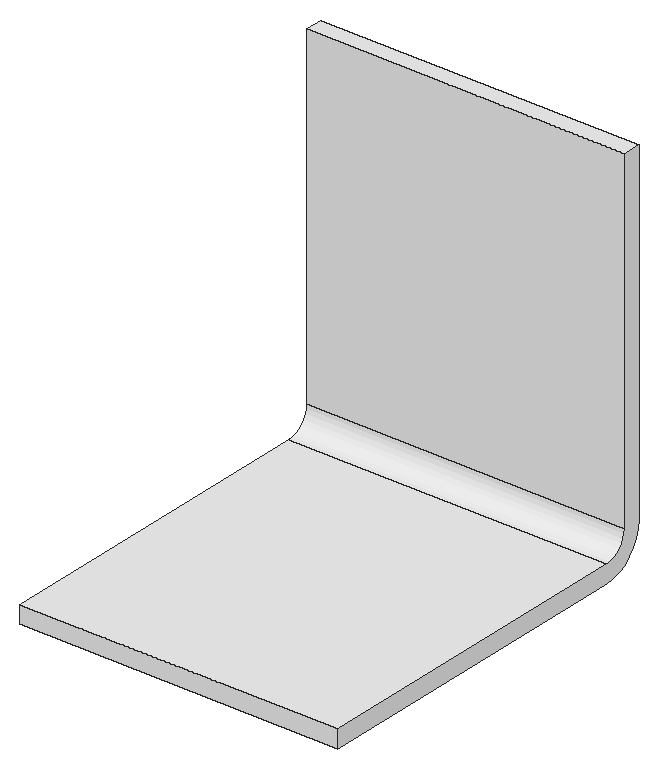
Revit family "JOMA_420 & 425", category Structural Connections, host Face, Revit 2012
Parameters (values of type "4200000")
  yr = ir + t  # 6.843 mm
  t = 3.000 mm
  l = 65.000 mm
  ir = t * 1.281  # 3.843 mm
  h = 65.000 mm
  b = 55.000 mm
  Vinkelbeslag 425 = not(Vinkelbeslag 420)  # no
  Vinkelbeslag 420 = yes
  Vikt = "0,14"
  Typ = "VINKEL 420"
  Spikmönster α꞊0° [instance] = no
  Spikmönster Bult α꞊0° [instance] = no
  Spikmönster Bult 45°≤α≤90° [instance] = no
  Spikmönster Bult 0°≤α≤45° [instance] = no
  Spikmönster 45°≤α≤90° [instance] = no
  Spikmönster 0°≤α≤45° [instance] = no
  Spik/skruv [instance] = "ANKARSPIK 4,0x40"
  Material = Varmförzinkad stålplåt
  Länk Joma Dimensioneringsverktyg = "http://www.joma.se/dimensioneringsverktyg"
  Default Elevation = 0.000 mm
  Bult (betong) [instance] = "BULT M10"
  Antal spik/skruv i virkesdel B [instance] = if(and(Spikmönster α꞊0°, Vinkelbeslag 420), 4, if(and(Spikmönster Bult α꞊0°, Vinkelbeslag 420), 1, if(and(Spikmönster 0°≤α≤45°, Vinkelbeslag 425), 3, if(and(Spikmönster 45°≤α≤90°, Vinkelbeslag 425), 3, if(and(Spikmönster Bult 0°≤α≤45°, Vinkelbeslag 425), 1, if(and(Spikmönster Bult 45°≤α≤90°, Vinkelbeslag 425), 1, 0))))))  # 0
  Antal spik/skruv i virkesdel A [instance] = if(and(Spikmönster α꞊0°, Vinkelbeslag 420), 4, if(and(Spikmönster Bult α꞊0°, Vinkelbeslag 420), 4, if(and(Spikmönster 0°≤α≤45°, Vinkelbeslag 425), 4, if(and(Spikmönster 45°≤α≤90°, Vinkelbeslag 425), 3, if(and(Spikmönster Bult 0°≤α≤45°, Vinkelbeslag 425), 6, if(and(Spikmönster Bult 45°≤α≤90°, Vinkelbeslag 425), 3, 0))))))  # 0
  425 Spikmönster Bult 45°≤α≤90° [instance] = and(Vinkelbeslag 425, Spikmönster Bult 45°≤α≤90°, not(or(Spikmönster α꞊0°, Spikmönster Bult α꞊0°, Spikmönster 0°≤α≤45°, Spikmönster Bult 0°≤α≤45°, Spikmönster 45°≤α≤90°)))  # no
  425 Spikmönster Bult 0°≤α≤45° [instance] = and(Vinkelbeslag 425, Spikmönster Bult 0°≤α≤45°, not(or(Spikmönster α꞊0°, Spikmönster Bult α꞊0°, Spikmönster 45°≤α≤90°, Spikmönster 0°≤α≤45°, Spikmönster Bult 45°≤α≤90°)))  # no
  425 Spikmönster 45°≤α≤90° [instance] = and(Vinkelbeslag 425, Spikmönster 45°≤α≤90°, not(or(Spikmönster α꞊0°, Spikmönster Bult α꞊0°, Spikmönster 0°≤α≤45°, Spikmönster Bult 0°≤α≤45°, Spikmönster Bult 45°≤α≤90°)))  # no
  425 Spikmönster 0°≤α≤45° [instance] = and(Vinkelbeslag 425, Spikmönster 0°≤α≤45°, not(or(Spikmönster α꞊0°, Spikmönster Bult α꞊0°, Spikmönster 45°≤α≤90°, Spikmönster Bult 0°≤α≤45°, Spikmönster Bult 45°≤α≤90°)))  # no
  420 Spikmönster α꞊0° [instance] = and(Vinkelbeslag 420, Spikmönster α꞊0°, not(or(Spikmönster Bult α꞊0°, Spikmönster 0°≤α≤45°, Spikmönster 45°≤α≤90°, Spikmönster Bult 0°≤α≤45°, Spikmönster Bult 45°≤α≤90°)))  # no
  420 Spikmönster Bult α꞊0° [instance] = and(Vinkelbeslag 420, Spikmönster Bult α꞊0°, not(or(Spikmönster α꞊0°, Spikmönster 0°≤α≤45°, Spikmönster 45°≤α≤90°, Spikmönster Bult 0°≤α≤45°, Spikmönster Bult 45°≤α≤90°)))  # no
Types (3, lengths in mm): name | l | h | Vinkelbeslag 425 | Vinkelbeslag 420 | Vikt | Typ
  (no name) | 65.000 | 65.000 | no | yes | "0,14" | "VINKEL 420"
  4200000 | 65.000 | 65.000 | no | yes | "0,14" | "VINKEL 420"
  4250000 | 50.000 | 80.000 | yes | no | "0,142" | "VINKEL 425"
Reference planes
  plane 1 "Center (Front/Back)": y = 0
  plane 2: z = 0
  plane 3 "Center (Left/Right)": x = 0
  plane 4: x = -27.5
  plane 5: x = 27.5
  plane 6: y = -65
  plane 7: z = 65
Forms (mm)
  Extrusion 1, solid, material "Varmförzinkad stålplåt" <- "Material"
    sketch origin (0, 0, 0) x (0, 1, 0) y (0, 0, 1)
      loop
        line (0, 65) -> (-3, 65) -> (-3, 6.843)
        arc (-3, 6.843) -> (-4.126, 4.126) -> (-6.843, 3) r 3.843
        line (-6.843, 3) -> (-65, 3) -> (-65, 0) -> (-6.843, 0)
        arc (-6.843, 0) -> (-2.004, 2.004) -> (0, 6.843) r 6.843
        line (0, 6.843) -> (0, 65)
    from -27.5 to 27.5
Lines and regions (mm)
  symbolic lines, visible <- "Vinkelbeslag 420"
    curve 1: circle (-20, -57.5, 0) r 2.5 normal (0, 0, 1)
    curve 2: circle (-15, -37.5, 0) r 2.5 normal (0, 0, 1)
    curve 3: circle (-20, -17.5, 0) r 2.5 normal (0, 0, 1)
    curve 4: circle (20, -57.5, 0) r 2.5 normal (0, 0, -1)
    curve 5: circle (15, -37.5, 0) r 2.5 normal (0, 0, -1)
    curve 6: circle (20, -17.5, 0) r 2.5 normal (0, 0, -1)
    curve 7: circle (0, -17.5, 0) r 2.5 normal (0, 0, -1)
    curve 8: circle (0, -57.5, 0) r 2.5 normal (0, 0, -1)
    curve 9: circle (0, -32.5, 0) r 5.5 normal (0, 0, -1)
    curve 19: circle (-20, 0, 57.5) r 2.5 normal (0, -1, 0)
    curve 20: circle (-15, 0, 37.5) r 2.5 normal (0, -1, 0)
    curve 21: circle (-20, 0, 17.5) r 2.5 normal (0, -1, 0)
    curve 22: circle (0, 0, 57.5) r 2.5 normal (0, -1, 0)
    curve 23: circle (0, 0, 17.5) r 2.5 normal (0, -1, 0)
    curve 24: circle (20, 0, 57.5) r 2.5 normal (0, 1, 0)
    curve 25: circle (15, 0, 37.5) r 2.5 normal (0, 1, 0)
    curve 26: circle (20, 0, 17.5) r 2.5 normal (0, 1, 0)
    curve 27: circle (0, 0, 32.5) r 5.5 normal (0, -1, 0)
  symbolic lines, visible <- "Vinkelbeslag 420", not visible
    curve 10: circle (-20, -57.5, 0) r 2.5 normal (0, 0, 1)
    curve 11: circle (-15, -37.5, 0) r 2.5 normal (0, 0, 1)
    curve 12: circle (-20, -17.5, 0) r 2.5 normal (0, 0, 1)
    curve 13: circle (20, -57.5, 0) r 2.5 normal (0, 0, -1)
    curve 14: circle (15, -37.5, 0) r 2.5 normal (0, 0, -1)
    curve 15: circle (20, -17.5, 0) r 2.5 normal (0, 0, -1)
    curve 16: circle (0, -17.5, 0) r 2.5 normal (0, 0, -1)
    curve 17: circle (0, -57.5, 0) r 2.5 normal (0, 0, -1)
    curve 18: circle (0, -32.5, 0) r 5.5 normal (0, 0, -1)
    curve 28: circle (-20, 0, 57.5) r 2.5 normal (0, -1, 0)
    curve 29: circle (-15, 0, 37.5) r 2.5 normal (0, -1, 0)
    curve 30: circle (-20, 0, 17.5) r 2.5 normal (0, -1, 0)
    curve 31: circle (0, 0, 57.5) r 2.5 normal (0, -1, 0)
    curve 32: circle (0, 0, 17.5) r 2.5 normal (0, -1, 0)
    curve 33: circle (20, 0, 57.5) r 2.5 normal (0, 1, 0)
    curve 34: circle (15, 0, 37.5) r 2.5 normal (0, 1, 0)
    curve 35: circle (20, 0, 17.5) r 2.5 normal (0, 1, 0)
    curve 36: circle (0, 0, 32.5) r 5.5 normal (0, -1, 0)
  symbolic lines, visible <- "Vinkelbeslag 425"
    curve 37: circle (-20, -42.5, 0) r 2.5 normal (0, 0, 1)
    curve 38: circle (-14.5, -22.5, 0) r 2.5 normal (0, 0, 1)
    curve 39: circle (0, -42.5, 0) r 2.5 normal (0, 0, 1)
    curve 40: circle (20, -42.5, 0) r 2.5 normal (0, 0, -1)
    curve 41: circle (14.5, -22.5, 0) r 2.5 normal (0, 0, -1)
    curve 42: circle (0, -15, 0) r 5.5 normal (0, 0, -1)
    curve 49: circle (-20, 0, 72.5) r 2.5 normal (0, -1, 0)
    curve 50: circle (0, 0, 72.5) r 2.5 normal (0, -1, 0)
    curve 51: circle (-14.5, 0, 52.5) r 2.5 normal (0, -1, 0)
    curve 52: circle (-20, 0, 32.5) r 2.5 normal (0, -1, 0)
    curve 53: circle (0, 0, 32.5) r 2.5 normal (0, -1, 0)
    curve 54: circle (20, 0, 72.5) r 2.5 normal (0, 1, 0)
    curve 55: circle (14.5, 0, 52.5) r 2.5 normal (0, 1, 0)
    curve 56: circle (20, 0, 32.5) r 2.5 normal (0, 1, 0)
    curve 57: circle (0, 0, 47.5) r 5.5 normal (0, -1, 0)
  symbolic lines, visible <- "Vinkelbeslag 425", not visible
    curve 43: circle (-20, -42.5, 0) r 2.5 normal (0, 0, 1)
    curve 44: circle (-14.5, -22.5, 0) r 2.5 normal (0, 0, 1)
    curve 45: circle (0, -42.5, 0) r 2.5 normal (0, 0, 1)
    curve 46: circle (20, -42.5, 0) r 2.5 normal (0, 0, -1)
    curve 47: circle (14.5, -22.5, 0) r 2.5 normal (0, 0, -1)
    curve 48: circle (0, -15, 0) r 5.5 normal (0, 0, -1)
    curve 58: circle (-20, 0, 72.5) r 2.5 normal (0, -1, 0)
    curve 59: circle (0, 0, 72.5) r 2.5 normal (0, -1, 0)
    curve 60: circle (-14.5, 0, 52.5) r 2.5 normal (0, -1, 0)
    curve 61: circle (-20, 0, 32.5) r 2.5 normal (0, -1, 0)
    curve 62: circle (0, 0, 32.5) r 2.5 normal (0, -1, 0)
    curve 63: circle (20, 0, 72.5) r 2.5 normal (0, 1, 0)
    curve 64: circle (14.5, 0, 52.5) r 2.5 normal (0, 1, 0)
    curve 65: circle (20, 0, 32.5) r 2.5 normal (0, 1, 0)
    curve 66: circle (0, 0, 47.5) r 5.5 normal (0, -1, 0)
Text (mm)
  text "Virkesdel B/Betong" at (197.624, -2.149, 0), in view "Ref. Level"
  text "Virkesdel A" at (259.601, 0, 96.569), in view "Front"
Dimensions and locks
  "b": plane 5 to plane 4
  "l": plane 1 "Center (Front/Back)" to plane 6
  "h": plane 7 to host face
  equal spacing: plane 5, plane 3 "Center (Left/Right)", plane 4
  "t": plane 1 "Center (Front/Back)" to Extrusion 1
  "t": Extrusion 1 to host face
  "ir": radius of Extrusion 1 sketch curve
  "yr": radius of Extrusion 1 sketch curve
  aligned and locked: plane 2 to host face
  aligned and locked: level to host face
  aligned and locked: plane 5 to Extrusion 1
  aligned and locked: Extrusion 1 to plane 4
  aligned and locked: Extrusion 1 to plane 6
  aligned and locked: plane 7 to Extrusion 1
Automatic sketch dimensions
  host sketch curve to host sketch curve = 2438.400 mm  (x2)
  Extrusion 1 sketch curve to plane 6 = 0.000 mm
  Extrusion 1 sketch curve to level = 0.000 mm
  Extrusion 1 sketch curve to plane 7 = 0.000 mm
  Extrusion 1 sketch curve to plane 1 "Center (Front/Back)" = 0.000 mm
  Extrusion 1 sketch curve to Extrusion 1 sketch curve = 0.000 mm
  level to Extrusion 1 sketch curve = 3.000 mm
Nested families
  nested 1: "Spikmönster" at (-20, 0, 57.5) x (1, 0, 0) z (0, -1, 0), visible <- "420 Spikmönster α꞊0°", type "Ø5"
  nested 2: "Spikmönster" at (20, 0, 57.5) x (1, 0, 0) z (0, -1, 0), visible <- "420 Spikmönster α꞊0°", type "Ø5"
  nested 3: "Spikmönster" at (15, 0, 37.5) x (1, 0, 0) z (0, -1, 0), visible <- "420 Spikmönster α꞊0°", type "Ø5"
  nested 4: "Spikmönster" at (-15, 0, 37.5) x (1, 0, 0) z (0, -1, 0), visible <- "420 Spikmönster α꞊0°", type "Ø5"
  nested 5: "Spikmönster" at (-20, 0, 57.5) x (1, 0, 0) z (0, -1, 0), visible <- "420 Spikmönster α꞊0°", type "Ø5", not visible
  nested 6: "Spikmönster" at (20, 0, 57.5) x (1, 0, 0) z (0, -1, 0), visible <- "420 Spikmönster α꞊0°", type "Ø5", not visible
  nested 7: "Spikmönster" at (15, 0, 37.5) x (1, 0, 0) z (0, -1, 0), visible <- "420 Spikmönster α꞊0°", type "Ø5", not visible
  nested 8: "Spikmönster" at (-15, 0, 37.5) x (1, 0, 0) z (0, -1, 0), visible <- "420 Spikmönster α꞊0°", type "Ø5", not visible
  nested 9: "Spikmönster" at (0, -32.5, 0), visible <- "420 Spikmönster Bult α꞊0°", type "Ø11"
  nested 10: "Spikmönster" at (-20, -17.5, 0), visible <- "420 Spikmönster α꞊0°", type "Ø5"
  nested 11: "Spikmönster" at (20, -17.5, 0), visible <- "420 Spikmönster α꞊0°", type "Ø5"
  nested 12: "Spikmönster" at (20, -57.5, 0), visible <- "420 Spikmönster α꞊0°", type "Ø5"
  nested 13: "Spikmönster" at (-20, -57.5, 0), visible <- "420 Spikmönster α꞊0°", type "Ø5"
  nested 14: "Spikmönster" at (0, -32.5, 0), visible <- "420 Spikmönster Bult α꞊0°", type "Ø11", not visible
  nested 15: "Spikmönster" at (-20, -17.5, 0), visible <- "420 Spikmönster α꞊0°", type "Ø5", not visible
  nested 16: "Spikmönster" at (20, -17.5, 0), visible <- "420 Spikmönster α꞊0°", type "Ø5", not visible
  nested 17: "Spikmönster" at (20, -57.5, 0), visible <- "420 Spikmönster α꞊0°", type "Ø5", not visible
  nested 18: "Spikmönster" at (-20, -57.5, 0), visible <- "420 Spikmönster α꞊0°", type "Ø5", not visible
  nested 19: "Spikmönster" at (-20, 0, 57.5) x (1, 0, 0) z (0, -1, 0), visible <- "420 Spikmönster Bult α꞊0°", type "Ø5"
  nested 20: "Spikmönster" at (20, 0, 57.5) x (1, 0, 0) z (0, -1, 0), visible <- "420 Spikmönster Bult α꞊0°", type "Ø5"
  nested 21: "Spikmönster" at (15, 0, 37.5) x (1, 0, 0) z (0, -1, 0), visible <- "420 Spikmönster Bult α꞊0°", type "Ø5"
  nested 22: "Spikmönster" at (-15, 0, 37.5) x (1, 0, 0) z (0, -1, 0), visible <- "420 Spikmönster Bult α꞊0°", type "Ø5"
  nested 23: "Spikmönster" at (-20, 0, 57.5) x (1, 0, 0) z (0, -1, 0), visible <- "420 Spikmönster Bult α꞊0°", type "Ø5", not visible
  nested 24: "Spikmönster" at (20, 0, 57.5) x (1, 0, 0) z (0, -1, 0), visible <- "420 Spikmönster Bult α꞊0°", type "Ø5", not visible
  nested 25: "Spikmönster" at (15, 0, 37.5) x (1, 0, 0) z (0, -1, 0), visible <- "420 Spikmönster Bult α꞊0°", type "Ø5", not visible
  nested 26: "Spikmönster" at (-15, 0, 37.5) x (1, 0, 0) z (0, -1, 0), visible <- "420 Spikmönster Bult α꞊0°", type "Ø5", not visible
  nested 27: "Spikmönster" at (0, -15, 0), visible <- "425 Spikmönster Bult 45°≤α≤90°", type "Ø11"
  nested 28: "Spikmönster" at (-14.5, -22.5, 0), visible <- "425 Spikmönster 0°≤α≤45°", type "Ø5"
  nested 29: "Spikmönster" at (14.5, -22.5, 0), visible <- "425 Spikmönster 0°≤α≤45°", type "Ø5"
  nested 30: "Spikmönster" at (0, -42.5, 0), visible <- "425 Spikmönster 0°≤α≤45°", type "Ø5"
  nested 31: "Spikmönster" at (-14.5, -22.5, 0), visible <- "425 Spikmönster 45°≤α≤90°", type "Ø5"
  nested 32: "Spikmönster" at (14.5, -22.5, 0), visible <- "425 Spikmönster 45°≤α≤90°", type "Ø5"
  nested 33: "Spikmönster" at (0, -42.5, 0), visible <- "425 Spikmönster 45°≤α≤90°", type "Ø5"
  nested 34: "Spikmönster" at (0, -15, 0), visible <- "425 Spikmönster Bult 45°≤α≤90°", type "Ø11", not visible
  nested 35: "Spikmönster" at (-14.5, -22.5, 0), visible <- "425 Spikmönster 0°≤α≤45°", type "Ø5", not visible
  nested 36: "Spikmönster" at (14.5, -22.5, 0), visible <- "425 Spikmönster 0°≤α≤45°", type "Ø5", not visible
  nested 37: "Spikmönster" at (0, -42.5, 0), visible <- "425 Spikmönster 0°≤α≤45°", type "Ø5", not visible
  nested 38: "Spikmönster" at (-14.5, -22.5, 0), visible <- "425 Spikmönster 45°≤α≤90°", type "Ø5", not visible
  nested 39: "Spikmönster" at (14.5, -22.5, 0), visible <- "425 Spikmönster 45°≤α≤90°", type "Ø5", not visible
  nested 40: "Spikmönster" at (0, -42.5, 0), visible <- "425 Spikmönster 45°≤α≤90°", type "Ø5", not visible
  nested 41: "Spikmönster" at (-20, 0, 72.5) x (1, 0, 0) z (0, -1, 0), visible <- "425 Spikmönster 0°≤α≤45°", type "Ø5"
  nested 42: "Spikmönster" at (20, 0, 72.5) x (1, 0, 0) z (0, -1, 0), visible <- "425 Spikmönster 0°≤α≤45°", type "Ø5"
  nested 43: "Spikmönster" at (20, 0, 32.5) x (1, 0, 0) z (0, -1, 0), visible <- "425 Spikmönster 0°≤α≤45°", type "Ø5"
  nested 44: "Spikmönster" at (-20, 0, 32.5) x (1, 0, 0) z (0, -1, 0), visible <- "425 Spikmönster 0°≤α≤45°", type "Ø5"
  nested 45: "Spikmönster" at (-20, 0, 72.5) x (1, 0, 0) z (0, -1, 0), visible <- "425 Spikmönster 45°≤α≤90°", type "Ø5"
  nested 46: "Spikmönster" at (0, 0, 72.5) x (1, 0, 0) z (0, -1, 0), visible <- "425 Spikmönster 45°≤α≤90°", type "Ø5"
  nested 47: "Spikmönster" at (20, 0, 72.5) x (1, 0, 0) z (0, -1, 0), visible <- "425 Spikmönster 45°≤α≤90°", type "Ø5"
  nested 48: "Spikmönster" at (-20, 0, 72.5) x (1, 0, 0) z (0, -1, 0), visible <- "425 Spikmönster 0°≤α≤45°", type "Ø5", not visible
  nested 49: "Spikmönster" at (20, 0, 72.5) x (1, 0, 0) z (0, -1, 0), visible <- "425 Spikmönster 0°≤α≤45°", type "Ø5", not visible
  nested 50: "Spikmönster" at (20, 0, 32.5) x (1, 0, 0) z (0, -1, 0), visible <- "425 Spikmönster 0°≤α≤45°", type "Ø5", not visible
  nested 51: "Spikmönster" at (-20, 0, 32.5) x (1, 0, 0) z (0, -1, 0), visible <- "425 Spikmönster 0°≤α≤45°", type "Ø5", not visible
  nested 52: "Spikmönster" at (-20, 0, 72.5) x (1, 0, 0) z (0, -1, 0), visible <- "425 Spikmönster 45°≤α≤90°", type "Ø5", not visible
  nested 53: "Spikmönster" at (0, 0, 72.5) x (1, 0, 0) z (0, -1, 0), visible <- "425 Spikmönster 45°≤α≤90°", type "Ø5", not visible
  nested 54: "Spikmönster" at (20, 0, 72.5) x (1, 0, 0) z (0, -1, 0), visible <- "425 Spikmönster 45°≤α≤90°", type "Ø5", not visible
  nested 55: "Spikmönster" at (-20, 0, 72.5) x (1, 0, 0) z (0, -1, 0), visible <- "425 Spikmönster Bult 0°≤α≤45°", type "Ø5"
  nested 56: "Spikmönster" at (-14.5, 0, 52.5) x (1, 0, 0) z (0, -1, 0), visible <- "425 Spikmönster Bult 0°≤α≤45°", type "Ø5"
  nested 57: "Spikmönster" at (-20, 0, 32.5) x (1, 0, 0) z (0, -1, 0), visible <- "425 Spikmönster Bult 0°≤α≤45°", type "Ø5"
  nested 58: "Spikmönster" at (20, 0, 32.5) x (1, 0, 0) z (0, -1, 0), visible <- "425 Spikmönster Bult 0°≤α≤45°", type "Ø5"
  nested 59: "Spikmönster" at (14.5, 0, 52.5) x (1, 0, 0) z (0, -1, 0), visible <- "425 Spikmönster Bult 0°≤α≤45°", type "Ø5"
  nested 60: "Spikmönster" at (20, 0, 72.5) x (1, 0, 0) z (0, -1, 0), visible <- "425 Spikmönster Bult 0°≤α≤45°", type "Ø5"
  nested 61: "Spikmönster" at (-20, 0, 72.5) x (1, 0, 0) z (0, -1, 0), visible <- "425 Spikmönster Bult 45°≤α≤90°", type "Ø5"
  nested 62: "Spikmönster" at (0, 0, 72.5) x (1, 0, 0) z (0, -1, 0), visible <- "425 Spikmönster Bult 45°≤α≤90°", type "Ø5"
  nested 63: "Spikmönster" at (20, 0, 72.5) x (1, 0, 0) z (0, -1, 0), visible <- "425 Spikmönster Bult 45°≤α≤90°", type "Ø5"
  nested 64: "Spikmönster" at (-20, 0, 72.5) x (1, 0, 0) z (0, -1, 0), visible <- "425 Spikmönster Bult 0°≤α≤45°", type "Ø5", not visible
  nested 65: "Spikmönster" at (-14.5, 0, 52.5) x (1, 0, 0) z (0, -1, 0), visible <- "425 Spikmönster Bult 0°≤α≤45°", type "Ø5", not visible
  nested 66: "Spikmönster" at (-20, 0, 32.5) x (1, 0, 0) z (0, -1, 0), visible <- "425 Spikmönster Bult 0°≤α≤45°", type "Ø5", not visible
  nested 67: "Spikmönster" at (20, 0, 32.5) x (1, 0, 0) z (0, -1, 0), visible <- "425 Spikmönster Bult 0°≤α≤45°", type "Ø5", not visible
  nested 68: "Spikmönster" at (14.5, 0, 52.5) x (1, 0, 0) z (0, -1, 0), visible <- "425 Spikmönster Bult 0°≤α≤45°", type "Ø5", not visible
  nested 69: "Spikmönster" at (20, 0, 72.5) x (1, 0, 0) z (0, -1, 0), visible <- "425 Spikmönster Bult 0°≤α≤45°", type "Ø5", not visible
  nested 70: "Spikmönster" at (-20, 0, 72.5) x (1, 0, 0) z (0, -1, 0), visible <- "425 Spikmönster Bult 45°≤α≤90°", type "Ø5", not visible
  nested 71: "Spikmönster" at (0, 0, 72.5) x (1, 0, 0) z (0, -1, 0), visible <- "425 Spikmönster Bult 45°≤α≤90°", type "Ø5", not visible
  nested 72: "Spikmönster" at (20, 0, 72.5) x (1, 0, 0) z (0, -1, 0), visible <- "425 Spikmönster Bult 45°≤α≤90°", type "Ø5", not visible
  nested 73: "Spikmönster" at (0, -15, 0), visible <- "425 Spikmönster Bult 0°≤α≤45°", type "Ø11"
  nested 74: "Spikmönster" at (0, -15, 0), visible <- "425 Spikmönster Bult 0°≤α≤45°", type "Ø11", not visible
Definition of nested family "Spikmönster"
  Parameters (values of type "Ø11")
    Radie = 5.500 mm
  Types (3, lengths in mm): name | Radie
    (no name) | 5.500
    Ø5 | 2.500
    Ø11 | 5.500
  Reference planes
    plane 1 "Center (Front/Back)": y = 0
    plane 2: z = 0
    plane 3 "Center (Left/Right)": x = 0
  Lines and regions (mm)
    Filled region 1, type "Solid Fill - Black", in view "Ref. Level"
      outline origin (0, 0, 0) x (1, 0, 0) y (0, 1, 0)
        loop
          circle (0, 0) r 5.5
  Dimensions and locks
    "Radie": radius of Filled region 1 sketch curve
  Automatic sketch dimensions
    plane 1 "Center (Front/Back)" to Filled region 1 sketch curve = 0.000 mm
    Filled region 1 sketch curve to plane 3 "Center (Left/Right)" = 0.000 mm
